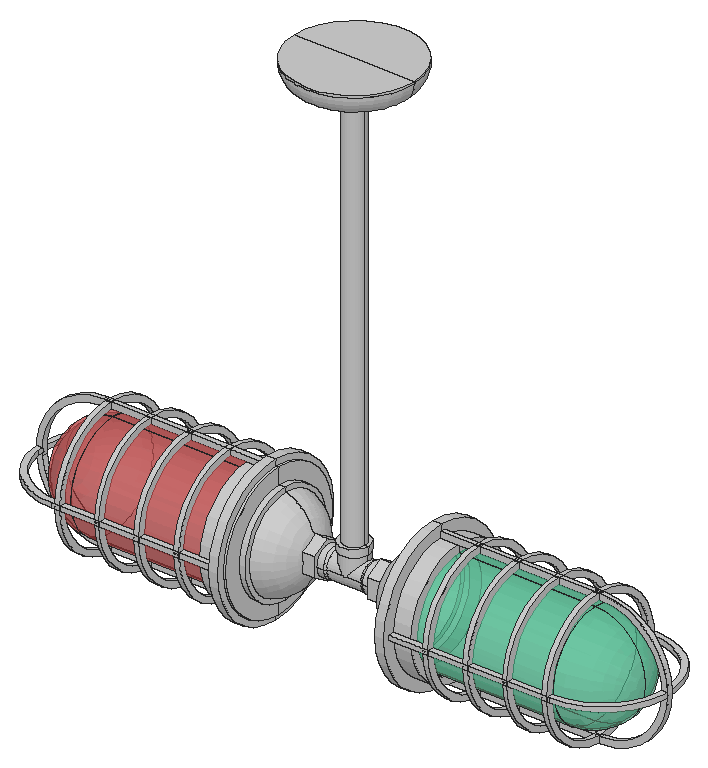
Revit family "DPV2.ST18", category Lighting Fixtures, Revit 2024
Family settings
  Round Connector Dimension = Use Diameter
  Part Type = Normal
  OmniClass Number = 23.80.70.00
  OmniClass Title = Lighting
  Work Plane-Based = No
  Always vertical = Yes
  Cut with Voids When Loaded = No
  Light Source = No
  Maintain Annotation Orientation = No
  Shared = No
  Room Calculation Point = No
Parameters
  Default Elevation = 0' - 0"
Reference planes (in)
  plane 1 "Light Source Axis (F/B)": y = 0
  plane 2: z = 0
  plane 3 "Light Source Axis (L/R)": x = 0
  plane 4 "Light Source Elevation": z = 83.125
Forms (in)
  Revolve 1, solid, material "53"
    sketch origin (1.43133, 0.00447, 95.48451) x (-1, 0, 0) y (0, 0, -1)
      loop
        line (0.83133, 8.24863) -> (0.99383, 8.24863) -> (0.99383, -8.75137) -> (-0.15915, -8.75137)
        arc (-0.15915, -8.75137) -> (-0.80228, -9.01776) -> (-1.06867, -9.66089) r 0.90952
        line (-1.06867, -9.66089) -> (-1.06867, -9.75137) -> (1.43133, -9.75137) -> (1.43133, 9.33885) -> (0.87564, 9.33885) -> (0.87564, 8.54863) -> (0.83133, 8.54863) -> (0.83133, 8.24863)
      axis (1.43133, -9.75137) -> (1.43133, 9.33885)
    angle from 0 to 360
  Revolve 2, solid, material "53"
    sketch origin (1.43133, -9.35, 86.14209) x (0, 1, 0) y (-1, 0, 0)
      loop
        line (9.36163, 0.31883) -> (9.96163, 0.31883) -> (9.96163, 0.61883)
        arc (9.96163, 0.61883) -> (9.92902, 0.66763) -> (9.91757, 0.7252) r 0.15044
        line (9.91757, 0.7252) -> (9.91757, 2.13745)
        arc (9.91757, 2.13745) -> (9.92902, 2.19502) -> (9.96163, 2.24383) r 0.15044
        line (9.96163, 2.24383) -> (9.96163, 2.54383) -> (9.36163, 2.54383) -> (9.36163, 0.31883)
      axis (9.36163, 0.31883) -> (9.36163, 2.54383)
    angle from 0 to 360
  Extrusion 3, solid, material "53"
    sketch origin (7.76688, -9.35, 79.30206) x (0, 0, 1) y (0, 1, 0)
      loop
        line (6.05272, 9.36163) -> (6.44638, 8.6798) -> (7.23369, 8.6798) -> (7.62734, 9.36163) -> (7.23369, 10.04346) -> (6.44638, 10.04346) -> (6.05272, 9.36163)
    from 8.87938 to 9.53136
  Revolve 4, solid, material "53"
    sketch origin (88.07386, 0, 92.97587) x (0, 0, 1) y (-1, 0, 0)
      loop
        line (-6.84003, 86.56466) -> (-6.84003, 86.4709)
        arc (-6.84003, 86.4709) -> (-5.692, 86.10354) -> (-4.99589, 85.1195) r 1.90036
        line (-4.99589, 85.1195) -> (-4.84249, 85.1195) -> (-4.84249, 84.83927) -> (-4.18378, 84.83927) -> (-4.18378, 84.71427) -> (-3.93378, 84.71427) -> (-3.93378, 84.52677) -> (-4.39628, 84.52677) -> (-4.39628, 83.77677) -> (-4.62769, 83.77677) -> (-4.62769, 83.68302) -> (-4.30253, 83.68302) -> (-4.30253, 84.43302) -> (-3.84003, 84.43302) -> (-3.84003, 84.80802) -> (-4.09003, 84.80802) -> (-4.09003, 84.93302) -> (-4.74874, 84.93302) -> (-4.74874, 85.21325) -> (-4.92753, 85.21325)
        arc (-4.92753, 85.21325) -> (-5.66451, 86.19926) -> (-6.84003, 86.56466) r 1.99411
      loop
        line (-4.66282, 78.03154) -> (-4.66282, 84.43302) -> (-4.75657, 84.43302) -> (-4.75657, 78.0333)
        arc (-4.75657, 78.0333) -> (-5.39398, 76.61211) -> (-6.83922, 76.03129) r 2.08125
        line (-6.83922, 76.03129) -> (-6.83922, 75.93754)
        arc (-6.83922, 75.93754) -> (-5.32832, 76.5452) -> (-4.66282, 78.03154) r 2.175
      loop
        line (-4.30253, 82.78302) -> (-4.05253, 82.78302) -> (-4.05253, 82.98302) -> (-4.30253, 82.98302) -> (-4.30253, 82.78302)
      loop
        line (-4.30253, 81.13302) -> (-4.05253, 81.13302) -> (-4.05253, 81.33302) -> (-4.30253, 81.33302) -> (-4.30253, 81.13302)
      loop
        line (-4.30253, 79.48302) -> (-4.05253, 79.48302) -> (-4.05253, 79.68302) -> (-4.30253, 79.68302) -> (-4.30253, 79.48302)
      loop
        line (-4.30253, 77.83302) -> (-4.05253, 77.83302) -> (-4.05253, 78.03302) -> (-4.30253, 78.03302) -> (-4.30253, 77.83302)
      axis (-6.84003, 86.56466) -> (-6.84003, 75.93754)
    angle from 0 to 360
  Extrusion 5, solid, material "53"
    sketch origin (88.07386, -1.34798, 92.97587) x (0, 0, 1) y (-1, 0, 0)
      loop
        line (-4.05253, 77.72052) -> (-4.05253, 84.43302) -> (-4.30253, 84.43302) -> (-4.30253, 77.72052)
        arc (-4.30253, 77.72052) -> (-5.12109, 75.85393) -> (-7.04867, 75.19161) r 2.5375
        arc (-7.04867, 75.19161) -> (-8.70662, 76.00158) -> (-9.37753, 77.72052) r 2.5375
        line (-9.37753, 77.72052) -> (-9.37753, 84.43302) -> (-9.62753, 84.43302) -> (-9.62753, 77.72052)
        arc (-9.62753, 77.72052) -> (-6.84003, 74.93302) -> (-4.05253, 77.72052) r 2.7875
    from -1.44798 to -1.24798
  Extrusion 6, solid, material "53"
    sketch origin (88.07386, -9.34798, 80.72713) x (-1, 0, 0) y (0, -1, 0)
      loop
        line (77.72052, -12.13548) -> (84.43302, -12.13548) -> (84.43302, -11.88548) -> (77.72052, -11.88548)
        arc (77.72052, -11.88548) -> (75.80176, -11.00849) -> (75.2093, -8.98371) r 2.5375
        arc (75.2093, -8.98371) -> (76.06001, -7.42922) -> (77.72052, -6.81048) r 2.5375
        line (77.72052, -6.81048) -> (84.43302, -6.81048) -> (84.43302, -6.56048) -> (77.72052, -6.56048)
        arc (77.72052, -6.56048) -> (74.93302, -9.34798) -> (77.72052, -12.13548) r 2.7875
    from 5.30871 to 5.50871
  Extrusion 7, solid, material "53"
    sketch origin (-7.76688, -9.35, 79.30206) x (0, 0, 1) y (0, -1, 0)
      loop
        line (6.05272, -9.36163) -> (6.44638, -10.04346) -> (7.23369, -10.04346) -> (7.62734, -9.36163) -> (7.23369, -8.6798) -> (6.44638, -8.6798) -> (6.05272, -9.36163)
    from 8.87938 to 9.53136
  Revolve 8, solid, material "53"
    sketch origin (-88.07386, 0, 92.97587) x (0, 0, 1) y (-1, 0, 0)
      loop
        arc (-6.84003, -86.56466) -> (-5.66451, -86.19926) -> (-4.92753, -85.21325) r 1.99411
        line (-4.92753, -85.21325) -> (-4.74874, -85.21325) -> (-4.74874, -84.93302) -> (-4.09003, -84.93302) -> (-4.09003, -84.80802) -> (-3.84003, -84.80802) -> (-3.84003, -84.43302) -> (-4.30253, -84.43302) -> (-4.30253, -83.68302) -> (-4.62769, -83.68302) -> (-4.62769, -83.77677) -> (-4.39628, -83.77677) -> (-4.39628, -84.52677) -> (-3.93378, -84.52677) -> (-3.93378, -84.71427) -> (-4.18378, -84.71427) -> (-4.18378, -84.83927) -> (-4.84249, -84.83927) -> (-4.84249, -85.1195) -> (-4.99589, -85.1195)
        arc (-4.99589, -85.1195) -> (-5.692, -86.10354) -> (-6.84003, -86.4709) r 1.90036
        line (-6.84003, -86.4709) -> (-6.84003, -86.56466)
      loop
        arc (-4.66282, -78.03154) -> (-5.32832, -76.5452) -> (-6.83922, -75.93754) r 2.175
        line (-6.83922, -75.93754) -> (-6.83922, -76.03129)
        arc (-6.83922, -76.03129) -> (-5.39398, -76.61211) -> (-4.75657, -78.0333) r 2.08125
        line (-4.75657, -78.0333) -> (-4.75657, -84.43302) -> (-4.66282, -84.43302) -> (-4.66282, -78.03154)
      loop
        line (-4.30253, -82.78302) -> (-4.30253, -82.98302) -> (-4.05253, -82.98302) -> (-4.05253, -82.78302) -> (-4.30253, -82.78302)
      loop
        line (-4.30253, -81.13302) -> (-4.30253, -81.33302) -> (-4.05253, -81.33302) -> (-4.05253, -81.13302) -> (-4.30253, -81.13302)
      loop
        line (-4.30253, -79.48302) -> (-4.30253, -79.68302) -> (-4.05253, -79.68302) -> (-4.05253, -79.48302) -> (-4.30253, -79.48302)
      loop
        line (-4.30253, -77.83302) -> (-4.30253, -78.03302) -> (-4.05253, -78.03302) -> (-4.05253, -77.83302) -> (-4.30253, -77.83302)
      axis (-6.84003, -86.56466) -> (-6.84003, -75.93754)
    angle from 0 to 360
  Extrusion 9, solid, material "53"
    sketch origin (-88.07386, -1.34798, 92.97587) x (0, 0, 1) y (-1, 0, 0)
      loop
        arc (-4.05253, -77.72052) -> (-6.84003, -74.93302) -> (-9.62753, -77.72052) r 2.7875
        line (-9.62753, -77.72052) -> (-9.62753, -84.43302) -> (-9.37753, -84.43302) -> (-9.37753, -77.72052)
        arc (-9.37753, -77.72052) -> (-8.70662, -76.00158) -> (-7.04867, -75.19161) r 2.5375
        arc (-7.04867, -75.19161) -> (-5.12109, -75.85393) -> (-4.30253, -77.72052) r 2.5375
        line (-4.30253, -77.72052) -> (-4.30253, -84.43302) -> (-4.05253, -84.43302) -> (-4.05253, -77.72052)
    from -1.44798 to -1.24798
  Extrusion 10, solid, material "53"
    sketch origin (-88.07386, -9.34798, 80.72713) x (-1, 0, 0) y (0, -1, 0)
      loop
        arc (-77.72052, -12.13548) -> (-74.93302, -9.34798) -> (-77.72052, -6.56048) r 2.7875
        line (-77.72052, -6.56048) -> (-84.43302, -6.56048) -> (-84.43302, -6.81048) -> (-77.72052, -6.81048)
        arc (-77.72052, -6.81048) -> (-76.06001, -7.42922) -> (-75.2093, -8.98371) r 2.5375
        arc (-75.2093, -8.98371) -> (-75.80176, -11.00849) -> (-77.72052, -11.88548) r 2.5375
        line (-77.72052, -11.88548) -> (-84.43302, -11.88548) -> (-84.43302, -12.13548) -> (-77.72052, -12.13548)
    from 5.30871 to 5.50871
Dimensions and locks (in)
  aligned and locked: level to plane 2
